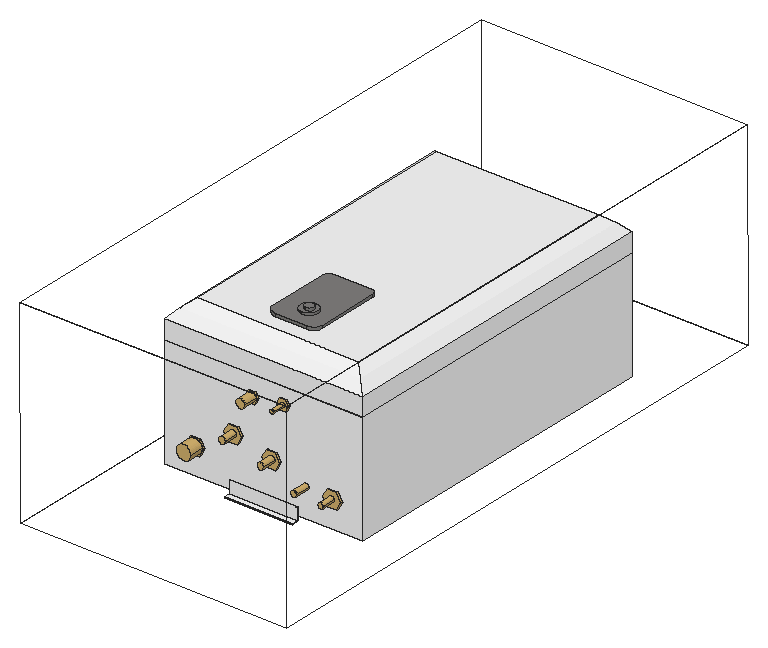
Revit family "Water_Boiler-Navien-NCB-Condensing_Combi-NCB-H", category Mechanical Equipment, host Face, Revit 2019
Family settings
  Host = Face
  Round Connector Dimension = Use Diameter
  Part Type = Normal
  OmniClass Number = 23.65.35.11
  OmniClass Title = Supply Water Heaters
  Cut with Voids When Loaded = No
  Shared = No
  Room Calculation Point = No
Parameters (values of type "NCB-240/130H")
  Width = 17 77/256"  # constant formula
  Wi-Fi Ready = "NaviLink Wi?Fi Control: This add-on accessory enables access to control temperatures remotely, access usage data and receive diagnostic notifications via smartphone or tablet."  # constant formula
  Weight = 96.00 lbf
  Water Pressure = "15–150 psi"  # constant formula
  Warranty Note = "Heat Exchangers: 10 years limited warranty (Residential) | Parts: 5 years (Residential)"  # constant formula
  Warranty = "https://www.navieninc.com/warranties"
  Voltage = 120 V
  Version = "2019 - v1.0a"  # constant formula
  Venting Type = "Forced draft direct vent"  # constant formula
  Venting = "Exhaust: 2 in or 3 in PVC, CPVC, Approved Polypropylene, Stainless Steel, 2 in or 3 in Special Gas Vent Type BH (Class III, A/B/C) | Intake: 2 in or 3 in PVC, CPVC, Polypropylene, Stainless Steel, ABS 2 in or 3 in Special Gas Vent Type BH (Class III, A/B/C) | Vent Clearance: 0 in to combustibles"  # constant formula
  URL = "https://www.navieninc.com"
  Propane Gas Supply Pressure = "8.0\" to 13.5\" WC"  # constant formula
  Propane Gas Manifold Pressure = "-0.06\"\" to -0.26\"\" WC"
  Product Page URL = "https://www.navieninc.com/products/ncb-240-130h"
  Product Name = "NCB-H Series Combination Boilers"  # constant formula
  Product Documentation Link = "https://www.navieninc.com/downloads/ncb-h-quickfacts-en"
  Power Factor = 1
  Phase = 1
  Number of Poles = 1
  Natural Gas Supply Pressure = "3.5\" to 10.5\" WC"  # constant formula
  Natural Gas Manifold Pressure = "-0.06\"\" to -0.24\"\" WC"
  Model = "NCB-240/130H"
  Material = ""
  Manufacturer Phone Number = "(949) 420-0420"  # constant formula
  Manufacturer Fax Number = "(949) 420-0430"  # constant formula
  Manufacturer Address = "20 Goodyear, Irvine, CA 92618"  # constant formula
  Manufacturer = "Navien, Inc."  # constant formula
  Keynote = "22 33 00.A1"
  Intake = if([2" Exhaust/Intake], 2", 3")  # 2"
  Installation Type = "Indoor Wall-Hung"  # constant formula
  Ignition = "Electronic ignition"  # constant formula
  Hot Water Outlet = 3/4"  # constant formula
  Height = 29 77/256"  # constant formula
  Heating Supply = 1"  # constant formula
  Heating Return = 1"  # constant formula
  Heating Capacity Note = "13,300 to 199,000 BTUh"
  Heating Capacity = 120000.0 Btu/h
  Gas Inlet = 3/4"  # constant formula
  Gas Connection Size = 3/4"  # constant formula
  Frequency = 60 Hz
  Flow Rate = 0 GPM
  Finish = Metal - Navien - White
  Exhaust = if([2" Exhaust/Intake], 2", 3")  # 2"
  Description = "NCB-H Condensing Gas Hot Water Combination Boiler"  # constant formula
  Depth = 12 205/256"  # constant formula
  Default Elevation = 48"
  Condensate Outlet = 1/2"  # constant formula
  Cold Water Inlet = 3/4"  # constant formula
  Certifications = "Energy Star | AHRI | CSA | ASME | CSA Blue Star | CSA Blue Flame"  # constant formula
  Auto Feeder Inlet = 1/2"  # constant formula
  3" Exhaust/Intake = not([2" Exhaust/Intake])  # no
  2" Exhaust/Intake = yes
  Copyright = "All contents copyright © Navien Inc."  # constant formula
  Clearance [instance] = yes
  Assembly Code = "D3010500"
  Apparent Load = 0 VA
Types (5): name | Weight | Propane Gas Manifold Pressure | Product Page URL | Natural Gas Manifold Pressure | Model | Heating Capacity Note | Heating Capacity
  NCB-190/060H | 87.00 lbf | "-0.04\" to -0.33\" WC" | "https://www.navieninc.com/products/ncb-190-060h" | "-0.01\" to -0.31\" WC" | "NCB-190/060H" | "10,700 to 160,000 BTUh" | 56000.0 Btu/h
  NCB-190/080H | 87.00 lbf | "-0.04\" to -0.33\" WC" | "https://www.navieninc.com/products/ncb-190-080h" | "-0.01\" to -0.31\" WC" | "NCB-190/080H" | "10,700 to 160,000 BTUh" | 56000.0 Btu/h
  NCB-240/110H | 96.00 lbf | "-0.06\"\" to -0.26\"\" WC" | "https://www.navieninc.com/products/ncb-240-110h" | "-0.06\"\" to -0.24\"\" WC" | "NCB-240/110H" | "13,300 to 199,000 BTUh" | 102000.0 Btu/h
  NCB-240/130H | 96.00 lbf | "-0.06\"\" to -0.26\"\" WC" | "https://www.navieninc.com/products/ncb-240-130h" | "-0.06\"\" to -0.24\"\" WC" | "NCB-240/130H" | "13,300 to 199,000 BTUh" | 120000.0 Btu/h
  NCB-250/150H | 96.00 lbf | "-0.06\"\" to -0.28\"\" WC" | "https://www.navieninc.com/products/ncb-250-150h" | "-0.06\"\" to -0.26\"\" WC" | "NCB-250/150H" | "14,000 to 210,000 BTUh" | 138000.0 Btu/h
Reference planes (in)
  plane 1 "Center (Elevation)": y = 0
  plane 2: z = 0
  plane 3 "Auto Feeder": x = 0
  plane 4 "Top": y = 19.92578
  plane 5 "Left": x = -10.28125
  plane 6 "Bottom": y = -9.375
  plane 7 "Right": x = 7.01953
  plane 8: y = 22.59578
  plane 9: z = 0.4
  plane 10 "Center (Left/Right)": x = -1.63086
  plane 11: y = 5.27539
  plane 12: z = -0.1
  plane 13: z = 3
  plane 14: y = 19.92578
  plane 15: y = -9.375
  plane 16: z = 13.2
  plane 17: z = 2.8
  plane 18 "Heating Supply": x = -7.58125
  plane 19 "Domestic Hot": x = -4.08125
  plane 20 "Domestic Cold": x = -0.78125
  plane 21 "Heating Return": x = 4.51953
  plane 22 "Gas inlet": x = -2.58047
Forms (in)
  Extrusion 1, solid, material "Metal - Navien - White" <- "Finish", detail levels medium+fine
    sketch origin (0, 2.1031, 0) x (0, 1, 0) y (0, 0, 1)
      loop
        line (-11.4781, 1.12877) -> (-11.52126, 1.12877) -> (-11.52126, 0.04724) -> (-12.09194, 0.04724) -> (-12.09194, 0) -> (-11.4781, 0) -> (-11.4781, 1.12877)
    from -4.58124 to 1.3703
  Extrusion 2, solid, material "Metal - Navien - Brass, Soft Yellow"
    sketch origin (-3.25, 0, 0) x (-1, 0, 0) y (0, 0, -1)
      loop
        circle (4.99187, -1.25698) r 0.375
    from -21.26608 to -19.92578
  Extrusion 3, solid, material "Metal - Navien - White" <- "Finish", detail levels medium+fine
    sketch origin (-3.37047, -180, 9.44422) x (0, 0, 1) y (0, -1, 0)
      loop
        line (0.65578, -170.69242) -> (0.60519, -170.69242) -> (0.60519, -170.625) -> (-9.04422, -170.625) -> (-9.04422, -199.92578) -> (0.60519, -199.92578) -> (0.60519, -199.88899) -> (0.65578, -199.88899) -> (0.65578, -170.69242)
    from -6.91078 to 10.39
  Extrusion 4, solid, material "Metal - Navien - Brass, Soft Yellow"
    sketch origin (0, 0, 0) x (1, 0, 0) y (0, 0, 1)
      loop
        line (-2.04632, 8.33019) -> (-2.31701, 8.79904) -> (-2.85839, 8.79904) -> (-3.12908, 8.33019) -> (-2.85839, 7.86134) -> (-2.31701, 7.86134) -> (-2.04632, 8.33019)
      loop
        line (-3.42485, 4.85957) -> (-3.81803, 5.54057) -> (-4.60438, 5.54057) -> (-4.99755, 4.85957) -> (-4.60438, 4.17857) -> (-3.81803, 4.17857) -> (-3.42485, 4.85957)
      loop
        line (-6.76869, 2.76225) -> (-7.16187, 3.44325) -> (-7.94822, 3.44325) -> (-8.34139, 2.76225) -> (-7.94822, 2.08125) -> (-7.16187, 2.08125) -> (-6.76869, 2.76225)
      loop
        line (-0.10789, 4.03001) -> (-0.50107, 4.71101) -> (-1.28742, 4.71101) -> (-1.6806, 4.03001) -> (-1.28742, 3.34901) -> (-0.50107, 3.34901) -> (-0.10789, 4.03001)
      loop
        line (5.22979, 2.8044) -> (4.83661, 3.4854) -> (4.05026, 3.4854) -> (3.65708, 2.8044) -> (4.05026, 2.1234) -> (4.83661, 2.1234) -> (5.22979, 2.8044)
      loop
        line (0.65436, 8.69382) -> (0.38367, 9.16267) -> (-0.15771, 9.16267) -> (-0.4284, 8.69382) -> (-0.15771, 8.22498) -> (0.38367, 8.22498) -> (0.65436, 8.69382)
    from 9.375 to 9.49296
  Extrusion 5, solid, material "Metal - Navien - Brass, Soft Yellow"
    sketch origin (0, 0, 0) x (1, 0, 0) y (0, 0, 1)
      loop
        circle (-7.5758, 2.7842) r 0.625
      loop
        circle (-0.86088, 4.08803) r 0.28077
      loop
        circle (-2.61655, 8.36019) r 0.375
      loop
        circle (2.05712, 2.93387) r 0.25
      loop
        circle (-4.21522, 4.90869) r 0.28077
      loop
        circle (4.39629, 2.81863) r 0.22311
      loop
        circle (0.12282, 8.69063) r 0.15577
    from 9.375 to 10.685
  Extrusion 6, solid, material "Metal - Navien - Brass, Soft Yellow", detail levels medium+fine
    sketch origin (0, 0, 0) x (1, 0, 0) y (0, 0, 1)
      loop
        arc (-8.50963, 0.56535) -> (-8.24187, 0.62647) -> (-7.9741, 0.56535) r 0.61716
        arc (-7.9741, 0.56535) -> (-7.50022, 1.25698) -> (-7.9741, 1.94861) r 0.74165
        arc (-7.9741, 1.94861) -> (-8.24187, 1.8875) -> (-8.50963, 1.94861) r 0.61716
        arc (-8.50963, 1.94861) -> (-8.98352, 1.25698) -> (-8.50963, 0.56535) r 0.74165
    from -19.92578 to -20.27363
  Extrusion 7, solid, material "Metal - Navien - White" <- "Finish", detail levels coarse
    sketch origin (0, 19.32383, 4.3925) x (0, 1, 0) y (-1, 0, 0)
      loop
        line (0.60195, 10.28125) -> (-28.69883, 10.28125) -> (-28.69883, -7.01953) -> (0.60195, -7.01953) -> (0.60195, 10.28125)
    from -3.9925 to 8.8075
  Extrusion 8, solid, material "Clearances - Navien", visible <- "Clearance"
    sketch origin (0, 19.32383, 4.3925) x (0, 1, 0) y (-1, 0, 0)
      loop
        line (9.60195, 13.28125) -> (-40.69883, 13.28125) -> (-40.69883, -10.01953) -> (9.60195, -10.01953) -> (9.60195, 13.28125)
    from -4.4925 to 12.8075
  Extrusion 9, solid, material "Metal - Navien - Black", detail levels medium+fine
    sketch origin (0, 23.25489, 1.40609) x (0, 1, 0) y (-1, 0, 0)
      loop
        line (-29.72406, 2.91963) -> (-29.72406, 0.1692)
        arc (-29.72406, 0.1692) -> (-29.50439, -0.36113) -> (-28.97406, -0.5808) r 0.75
        line (-28.97406, -0.5808) -> (-23.60339, -0.5808)
        arc (-23.60339, -0.5808) -> (-23.15839, -0.39648) -> (-22.97406, 0.04853) r 0.62933
        line (-22.97406, 0.04853) -> (-22.97406, 3.16493)
        arc (-22.97406, 3.16493) -> (-23.1638, 3.62302) -> (-23.62189, 3.81276) r 0.64783
        line (-23.62189, 3.81276) -> (-28.83092, 3.81276)
        arc (-28.83092, 3.81276) -> (-29.46247, 3.55117) -> (-29.72406, 2.91963) r 0.89314
    from 11.79391 to 12
  Extrusion 10, solid, material "Metal - Navien - Black", detail levels medium+fine
    sketch origin (0, 23.25489, -0.10828) x (0, 1, 0) y (-1, 0, 0)
      loop
        circle (-27.78603, 1.51386) r 0.38018
    from 13.51437 to 13.80828
  Extrusion 11, solid, material "Metal - Navien - Black", detail levels medium+fine
    sketch origin (0, 23.25489, -0.10828) x (0, 1, 0) y (-1, 0, 0)
      loop
        circle (-27.83054, 1.52211) r 0.75
    from 13.30828 to 13.64814
  Extrusion 12, solid, material "Metal - Navien - White" <- "Finish", detail levels medium+fine
    sketch origin (0, 19.32383, 4.3925) x (0, 1, 0) y (-1, 0, 0)
      loop
        line (0.60195, 10.28125) -> (-28.69883, 10.28125) -> (-28.69883, -7.01953) -> (0.60195, -7.01953) -> (0.60195, 10.28125)
    from 5.7075 to 8.8075
  Sweep 13, void
    path in 3D
      loop
        line (-10.28125, 19.92578, 13.2) -> (-10.28125, -9.375, 13.2) -> (7.01953, -9.375, 13.2) -> (7.01953, 19.92578, 13.2) -> (-10.28125, 19.92578, 13.2)
    profile origin (-1.63086, 19.92578, 13.2) x (0, -1, 0) y (0, 0, 1)
      loop
        line (2.39985, 0.43712) -> (-0.22624, 0.43712) -> (-0.22624, -1.81288)
        arc (-0.22624, -1.81288) -> (0.92487, -0.49887) -> (2.39985, 0.43712) r 6.13036
Cuts and joins
  joined: Extrusion 4, Extrusion 5
  Sweep 13 cuts Extrusion 12
Lines and regions (in)
  Split face 1
    outline origin (0, 23.25489, 13.40609) x (0, 1, 0) y (-1, 0, 0)
      loop
        line (-24.98774, 2.88086) -> (-24.98774, 0.13086) -> (-23.73774, 0.13086) -> (-23.73774, 2.88086) -> (-24.98774, 2.88086)
  Split face 2
    outline origin (0, 23.25489, 13.40609) x (0, 1, 0) y (-1, 0, 0)
      loop
        line (-25.8148, 0.32777) -> (-25.8148, 2.69494) -> (-26.16736, 2.69494) -> (-26.16736, 0.32777) -> (-25.8148, 0.32777)
  model lines, style "Clearance", visible <- "Clearance"
    curve 1: line (-13.28125, 28.92578, -0.1) -> (-13.28125, -21.375, -0.1)
    curve 2: line (-13.28125, -21.375, -0.1) -> (10.01953, -21.375, -0.1)
    curve 3: line (10.01953, -21.375, -0.1) -> (10.01953, 28.92578, -0.1)
    curve 4: line (10.01953, 28.92578, -0.1) -> (-13.28125, 28.92578, -0.1)
    curve 5: line (10.01953, 28.92578, 17.2) -> (10.01953, -21.375, 17.2)
    curve 6: line (10.01953, -21.375, 17.2) -> (-13.28125, -21.375, 17.2)
    curve 7: line (-13.28125, 28.92578, 17.2) -> (10.01953, 28.92578, 17.2)
    curve 8: line (10.01953, 28.92578, 17.2) -> (10.01953, 28.92578, -0.1)
    curve 9: line (-13.28125, 28.92578, 17.2) -> (-13.28125, 28.92578, -0.1)
    curve 10: line (10.01953, -21.375, 17.2) -> (10.01953, -21.375, -0.1)
    curve 11: line (-13.28125, -21.375, 17.2) -> (-13.28125, -21.375, -0.1)
    curve 15: line (-13.28125, -21.375, 17.2) -> (-13.28125, 28.92578, 17.2)
  model lines, style "MechanicalEquipment", detail levels medium+fine
    curve 12: arc (-0.63086, -4.6057, 13.40609) -> (-1.63086, -3.6057, 13.40609) -> (-2.63086, -4.6057, 13.40609) r 1
    curve 13: arc (-2.63086, -4.6057, 13.40609) -> (-1.63086, -5.6057, 13.40609) -> (-0.63086, -4.6057, 13.40609) r 1
  symbolic lines
    curve 14: line (-3.37047, 10.85651, 17.2) -> (-3.37047, 33.7569, 17.2)
  sketch lines
    curve 16: line (7.01953, 19.92578, 13.2) -> (-10.28125, 19.92578, 13.2)
    curve 17: line (7.01953, -9.375, 13.2) -> (7.01953, 19.92578, 13.2)
    curve 18: line (-10.28125, 19.92578, 13.2) -> (-10.28125, -9.375, 13.2)
    curve 19: line (-10.28125, -9.375, 13.2) -> (7.01953, -9.375, 13.2)
Dimensions and locks (in)
  plane 5 "Left" to plane 3 "Auto Feeder" to plane 7 "Right" = 10 9/32", 7 5/256"
  "Width": plane 5 "Left" to plane 7 "Right"
  locked: plane 8 to plane 4 "Top" at 2.67
  locked: plane 9 to plane 2 at 0.4
  equal spacing: plane 7 "Right", plane 10 "Center (Left/Right)", plane 5 "Left"
  locked: Extrusion 1 to level at 1.12877  (x3)
  locked: Extrusion 1 to level at 0.04724  (x2)
  locked: Extrusion 1 sketch curve to level at 0.04724  (x10)
  locked: Extrusion 1 sketch curve to level at 1.12877  (x13)
  locked: Extrusion 3 to level at 0.4  (x3)
  locked: Extrusion 3 sketch curve to level at 0.4  (x13)
  plane 6 "Bottom" to Extrusion 1 sketch curve to Extrusion 1 sketch curve to Extrusion 1 sketch curve = 0", 0.04316" locked, 0.57068" locked
  locked: plane 6 "Bottom" to cut or joined group of Extrusion 4, Extrusion 5 at 1.31
  plane 6 "Bottom" to cut or joined group of Extrusion 4, Extrusion 5 = 0.11796"
  Extrusion 3 sketch curve to plane 6 "Bottom" = 0.06742"
  locked: plane 9 to nested 2 at 3
  nested 2 to plane 5 "Left" = 4.62977"
  locked: Extrusion 7 to plane 12 at 0.5
  locked: Extrusion 8 sketch curve to plane 5 "Left" at 3
  locked: plane 7 "Right" to Extrusion 8 sketch curve at 3
  locked: Extrusion 8 sketch curve to plane 4 "Top" at 9
  locked: Extrusion 8 sketch curve to plane 6 "Bottom" at 12
  locked: plane 10 "Center (Left/Right)" to Extrusion 2 sketch curve at 6.61101
  Extrusion 2 sketch curve to level = 1.25698"
  Extrusion 7 sketch curve to plane 10 "Center (Left/Right)" to Extrusion 7 sketch curve = 8.65039" locked, 8.65039" locked
  Extrusion 7 sketch curve to plane 11 to Extrusion 7 sketch curve = 14.65039" locked, 14.65039" locked
  Extrusion 2 to Extrusion 6 to plane 4 "Top" to Extrusion 6 = 0.99244" locked, 0.34785", 0" locked
  locked: plane 13 to plane 9 at 2.6
  equal spacing: plane 14, plane 11, plane 15
  "Height": plane 14 to plane 15
  locked: plane 16 to plane 9 at 12.8
  curve 14 to plane 16 = 4"
  locked: nested 1 to plane 1 "Center (Elevation)" at 19.92578
  locked: nested 1 to plane 1 "Center (Elevation)" at 21.37178
  locked: nested 1 to plane 1 "Center (Elevation)" at 22.81778
  level to nested 1 = 5.01547"
  level to nested 1 = 3"
  level to nested 1 = 0.98453"
  locked: nested 2 to plane 1 "Center (Elevation)" at 19.92578
  locked: nested 2 to plane 1 "Center (Elevation)" at 20.983
  locked: nested 2 to plane 1 "Center (Elevation)" at 22.04021
  level to nested 2 = 5.37239"
  level to nested 2 = 3.4"
  level to nested 2 = 0.49973"
  locked: host sketch curve to plane 1 "Center (Elevation)" at 22  (x3)
  locked: host sketch curve to plane 1 "Center (Elevation)" at 37.02539  (x3)
  locked: Extrusion 1 to plane 1 "Center (Elevation)" at 9.41816
  locked: Extrusion 1 to plane 1 "Center (Elevation)" at 9.98884
  locked: Extrusion 1 to plane 1 "Center (Elevation)" at 9.375
  locked: Extrusion 1 sketch curve to plane 1 "Center (Elevation)" at 9.98884  (x3)
  locked: Extrusion 1 sketch curve to plane 1 "Center (Elevation)" at 9.41816  (x3)
  locked: Extrusion 1 sketch curve to plane 1 "Center (Elevation)" at 9.375  (x3)
  locked: Extrusion 2 to plane 1 "Center (Elevation)" at 19.92578
  locked: Extrusion 2 to plane 1 "Center (Elevation)" at 21.26608
  locked: Extrusion 3 to plane 1 "Center (Elevation)" at 9.30758
  locked: Extrusion 3 to plane 1 "Center (Elevation)" at 9.375
  locked: Extrusion 3 to plane 1 "Center (Elevation)" at 19.92578
  locked: Extrusion 3 to plane 1 "Center (Elevation)" at 19.88899
  locked: Extrusion 3 sketch curve to plane 1 "Center (Elevation)" at 19.88899  (x3)
  locked: Extrusion 3 sketch curve to plane 1 "Center (Elevation)" at 19.92578  (x3)
  locked: Extrusion 3 sketch curve to plane 1 "Center (Elevation)" at 9.375  (x3)
  locked: Extrusion 3 sketch curve to plane 1 "Center (Elevation)" at 9.30758  (x3)
  locked: Extrusion 3 to level at 10.1
  locked: Extrusion 3 to level at 10.04941  (x2)
  locked: Extrusion 3 sketch curve to level at 10.04941  (x6)
  locked: Extrusion 3 sketch curve to level at 10.1  (x3)
  locked: Extrusion 4 sketch curve to level at 8.79904  (x3)
  locked: Extrusion 4 sketch curve to level at 7.86134  (x3)
  locked: Extrusion 4 sketch curve to level at 5.54057  (x3)
  locked: Extrusion 4 sketch curve to level at 4.17857  (x3)
  locked: Extrusion 4 sketch curve to level at 3.44325  (x3)
  locked: Extrusion 4 sketch curve to level at 2.08125  (x3)
  locked: Extrusion 4 sketch curve to level at 4.71101  (x3)
  locked: Extrusion 4 sketch curve to level at 3.34901  (x3)
  locked: Extrusion 4 sketch curve to level at 3.4854  (x3)
  locked: Extrusion 4 sketch curve to level at 2.1234  (x3)
  locked: Extrusion 4 sketch curve to level at 9.16267  (x3)
  locked: Extrusion 4 sketch curve to level at 8.22498  (x3)
  locked: Extrusion 6 to plane 1 "Center (Elevation)" at 20.27363
  locked: Extrusion 6 to plane 1 "Center (Elevation)" at 19.92578
  locked: Extrusion 6 sketch curve to level at 0.56535  (x4)
  locked: Extrusion 6 sketch curve to level at 1.94861  (x4)
  locked: Extrusion 7 to plane 1 "Center (Elevation)" at 19.92578
  locked: Extrusion 7 to plane 1 "Center (Elevation)" at 9.375
  locked: Extrusion 7 sketch curve to plane 1 "Center (Elevation)" at 9.375  (x3)
  locked: Extrusion 7 sketch curve to plane 1 "Center (Elevation)" at 19.92578  (x3)
  locked: Extrusion 7 to level at 13.2
  locked: Extrusion 7 to level at 0.4
  locked: Extrusion 7 sketch curve to level at 4.3925  (x12)
  locked: Extrusion 8 to plane 1 "Center (Elevation)" at 28.92578
  locked: Extrusion 8 to plane 1 "Center (Elevation)" at 21.375
  locked: Extrusion 8 sketch curve to plane 1 "Center (Elevation)" at 21.375  (x3)
  locked: Extrusion 8 sketch curve to plane 1 "Center (Elevation)" at 28.92578  (x3)
  locked: Extrusion 8 to level at 17.2
  locked: Extrusion 8 sketch curve to level at 4.3925  (x12)
  locked: Extrusion 9 to plane 1 "Center (Elevation)" at 0.28083
  locked: Extrusion 9 to plane 1 "Center (Elevation)" at 6.46917
  locked: Extrusion 9 sketch curve to plane 1 "Center (Elevation)" at 6.46917  (x5)
  locked: Extrusion 9 sketch curve to plane 1 "Center (Elevation)" at 5.71917
  locked: Extrusion 9 sketch curve to plane 1 "Center (Elevation)" at 0.3485
  locked: Extrusion 9 sketch curve to plane 1 "Center (Elevation)" at 0.28083  (x5)
  locked: Extrusion 9 sketch curve to plane 1 "Center (Elevation)" at 0.367
  locked: Extrusion 9 sketch curve to plane 1 "Center (Elevation)" at 5.57604
  locked: Extrusion 9 to level at 13.40609
  locked: Extrusion 9 to level at 13.2
  locked: Extrusion 9 sketch curve to level at 1.40609  (x24)
  locked: Extrusion 10 to level at 13.7
  locked: Extrusion 10 to level at 13.40609
  locked: Extrusion 11 to level at 13.53986
  locked: Extrusion 11 to level at 13.2
  locked: Extrusion 12 sketch curve to plane 1 "Center (Elevation)" at 9.375  (x3)
  locked: Extrusion 12 sketch curve to plane 1 "Center (Elevation)" at 19.92578  (x3)
  locked: Extrusion 12 sketch curve to level at 4.3925  (x12)
  locked: curve 19 to plane 1 "Center (Elevation)" at 9.375  (x3)
  locked: curve 16 to plane 1 "Center (Elevation)" at 19.92578  (x3)
  locked: Sweep 13 sketch curve to plane 1 "Center (Elevation)" at 20.15202  (x4)
  locked: Sweep 13 sketch curve to plane 1 "Center (Elevation)" at 17.52593
  locked: Sweep 13 sketch curve to plane 1 "Center (Elevation)" at 8.88192
  locked: curve 18 to level at 13.2  (x3)
  locked: curve 19 to level at 13.2  (x3)
  locked: curve 17 to level at 13.2  (x3)
  locked: curve 16 to level at 13.2  (x3)
  locked: Sweep 13 sketch curve to level at 13.63712  (x4)
  locked: Sweep 13 sketch curve to level at 11.38712
  locked: Sweep 13 sketch curve to level at 1.91545
  locked: plane 9 to nested 1 at 2.6
  Extrusion 4 sketch curve to Extrusion 4 sketch curve to Extrusion 4 sketch curve to Extrusion 4 sketch curve to Extrusion 4 sketch curve to plane 10 "Center (Left/Right)" to Extrusion 4 sketch curve to Extrusion 4 sketch curve to Extrusion 4 sketch curve to Extrusion 4 sketch curve to Extrusion 4 sketch curve to Extrusion 4 sketch curve to Extrusion 4 sketch curve = 1.5727" locked, 3.00273" locked, 0.76225" locked, 0.32051" locked, 1.20246" locked, 0.04974" locked, 0.36573" locked, 1.08276" locked, 0.29577" locked, 1.5727" locked, 1.77114" locked, 1.5727" locked
  Extrusion 5 sketch curve to Extrusion 5 sketch curve to Extrusion 5 sketch curve to Extrusion 5 sketch curve to Extrusion 5 sketch curve to Extrusion 5 sketch curve to level = 0.54967" locked, 2.79574" locked, 1.38218" locked, 0.39807" locked, 0.81368" locked, 2.59552" locked
  Extrusion 9 sketch curve to plane 10 "Center (Left/Right)" to Extrusion 9 sketch curve = 2.1819" locked, 2.21166" locked
  locked: plane 10 "Center (Left/Right)" to Extrusion 10 sketch curve at 0.117
  locked: plane 10 "Center (Left/Right)" to Extrusion 11 sketch curve at 0.10874
  Extrusion 12 sketch curve to plane 10 "Center (Left/Right)" to Extrusion 12 sketch curve = 8.65039" locked, 8.65039" locked
  Extrusion 12 sketch curve to plane 11 to Extrusion 12 sketch curve = 14.65039" locked, 14.65039" locked
  Extrusion 5 sketch curve to Extrusion 5 sketch curve to Extrusion 5 sketch curve to Extrusion 5 sketch curve to plane 10 "Center (Left/Right)" to Extrusion 5 sketch curve to Extrusion 5 sketch curve to Extrusion 5 sketch curve = 2.36606" locked, 1.52853" locked, 0.85871" locked, 1.05074" locked, 0.61069" locked, 1.69291" locked, 3.01634" locked
  radius of Extrusion 5 sketch curve = 3/8"
  aligned and locked: plane 2 to host face
  aligned and locked: level to host face
  aligned and locked: Extrusion 2 to plane 4 "Top"
  aligned and locked: Extrusion 3 to plane 5 "Left"
  aligned and locked: Extrusion 3 to plane 7 "Right"
  aligned and locked: Extrusion 4 to plane 6 "Bottom"
  aligned and locked: Extrusion 5 to plane 6 "Bottom"
  aligned and locked: Extrusion 8 to plane 12
  aligned and locked: plane 16 to Extrusion 7
  aligned and locked: level to Extrusion 1 sketch curve
Automatic sketch dimensions
  host sketch curve to host sketch curve = 47 9/32"
  host sketch curve to host sketch curve = 59.02539"
  curve 3 to plane 7 "Right" = 3"
  curve 2 to plane 5 "Left" = 3"
  plane 8 to curve 4 = 6.33"
  plane 6 "Bottom" to curve 3 = 12"
  curve 9 to Extrusion 8 = 0"  (x2)
  Extrusion 8 to curve 9 = 0"
  curve 8 to Extrusion 8 = 0"  (x3)
  plane 8 to curve 14 = 11.16112"
  plane 11 to curve 14 = 5.58112"
  plane 1 "Center (Elevation)" to Extrusion 9 sketch curve = 6.46917"
  Extrusion 9 sketch curve to Extrusion 9 sketch curve = 3/4"
  plane 1 "Center (Elevation)" to Extrusion 9 sketch curve = 0.367"
  Extrusion 9 sketch curve to plane 3 "Auto Feeder" = 0.04853"
  plane 1 "Center (Elevation)" to Extrusion 9 sketch curve = 0.3485"
  curve 12 to curve 13 = 0"  (x2)
  curve 13 to Extrusion 9 = 1.86347"
  curve 13 to Extrusion 9 = 2.1819"
  curve 13 to curve 12 = 1"
  curve 15 to plane 5 "Left" = 3"
  plane 8 to curve 15 = 6.33"
  plane 6 "Bottom" to curve 15 = 12"
  Extrusion 8 to curve 5 = 0"
  curve 7 to Extrusion 8 = 0"  (x2)
  curve 5 to Extrusion 8 = 0"
  curve 6 to Extrusion 8 = 0"
  curve 10 to Extrusion 8 = 0"  (x3)
  curve 11 to Extrusion 8 = 0"  (x3)
  Extrusion 6 sketch curve to Extrusion 6 sketch curve = 0"  (x5)
  plane 12 to Extrusion 6 sketch curve = 0.10931"
  plane 9 to Extrusion 6 sketch curve = 0.85698"
  Extrusion 6 sketch curve to plane 13 = 0.49534"
  plane 9 to Extrusion 6 sketch curve = 0.16535"  (x2)
  Extrusion 5 sketch curve to plane 17 = 0.0158"
  plane 3 "Auto Feeder" to Extrusion 5 sketch curve = 0.12282"
  Extrusion 5 sketch curve to plane 13 = 0.06613"
  plane 17 to Extrusion 5 sketch curve = 0.01863"
  Extrusion 4 sketch curve to Extrusion 4 sketch curve = 0.78635"  (x3)
  Extrusion 4 sketch curve to plane 17 = 0.03775"  (x2)
  Extrusion 4 sketch curve to Extrusion 4 sketch curve = 0.39318"  (x9)
  Extrusion 4 sketch curve to Extrusion 4 sketch curve = 0.27069"  (x3)
  Extrusion 4 sketch curve to Extrusion 4 sketch curve = 0.54138"  (x2)
  Extrusion 4 sketch curve to plane 3 "Auto Feeder" = 0.50107"  (x2)
  Extrusion 4 sketch curve to plane 3 "Auto Feeder" = 0.15771"  (x2)
  plane 3 "Auto Feeder" to Extrusion 4 sketch curve = 0.38367"
  plane 17 to Extrusion 4 sketch curve = 0.0044"  (x2)
  Extrusion 4 sketch curve to plane 17 = 0.6766"
  Extrusion 4 sketch curve to plane 17 = 23/32"
  Extrusion 4 sketch curve to Extrusion 4 sketch curve = 0.681"  (x6)
  Extrusion 4 sketch curve to Extrusion 4 sketch curve = 2.32078"
  Extrusion 4 sketch curve to Extrusion 4 sketch curve = 0.36363"
  Extrusion 4 sketch curve to Extrusion 4 sketch curve = 0.46885"  (x6)
  plane 13 to Extrusion 4 sketch curve = 0.34901"
  plane 13 to Extrusion 4 sketch curve = 0.44325"
  plane 13 to Extrusion 4 sketch curve = 0.4854"
  plane 13 to Extrusion 4 sketch curve = 1.17857"
  Extrusion 9 sketch curve to Extrusion 9 sketch curve = 0.89314"
  plane 5 "Left" to Extrusion 6 sketch curve = 2.03938"
  Extrusion 6 sketch curve to Extrusion 6 sketch curve = 0.26776"  (x2)
  plane 10 "Center (Left/Right)" to Extrusion 4 sketch curve = 0.34344"  (x2)
  Split face 1 sketch curve to Extrusion 9 = 0.71166"
  Split face 1 sketch curve to Extrusion 9 = 2.01368"
  Split face 1 sketch curve to Extrusion 9 = 0.76368"
  Split face 1 sketch curve to Extrusion 9 = 0.9319"
  plane 1 "Center (Elevation)" to Extrusion 11 sketch curve = 4.57565"
  plane 1 "Center (Elevation)" to Extrusion 10 sketch curve = 4.53114"
  Split face 2 sketch curve to Extrusion 9 = 0.90857"
  Split face 2 sketch curve to Extrusion 9 = 3.1933"
  Split face 2 sketch curve to Split face 2 sketch curve = 0.35256"
  Split face 2 sketch curve to Extrusion 9 = 1.11782"
  radius of Extrusion 2 sketch curve = 3/8"
  radius of Extrusion 5 sketch curve = 0.28077"  (x2)
  radius of Extrusion 5 sketch curve = 1/4"
  radius of Extrusion 11 sketch curve = 3/4"
  radius of Extrusion 10 sketch curve = 0.38018"
Nested families (in)
  nested 1: "Intake_Exhaust" at (1.04143, 19.92578, 3) x (1, 0, 0) z (0, 1, 0), type "Intake_Exhaust"
    with Small Vent no, Large Vent yes
  nested 2: "Intake_Exhaust" at (-5.65148, 19.92578, 3.4) x (0, 0, -1) z (0, 1, 0), type "Intake_Exhaust"
    with Small Vent yes, Large Vent no
Connectors (in)
  piping at (-2.61655, -10.685, 8.36019), diameter 0.75, driven by "Gas Inlet"
    settings: on cut or joined group of Extrusion 4, Extrusion 5, index 2, connector inside diameter 24", connector length 0", flow factor 0, pipe flow 0 GPM, pressure drop 0.00 psi, fitting loss kfactor 0, connector angle 0.00°, fixture units 0, engagement length 0", angle of deflection 0.00°, flow configuration 0, flow direction 1, fitting loss method 0, system type 22, joint type 0, gender type 0, connector reference index -1, connector utility 0, adjustable connector no, is connector primary yes, connector description "Natural Gas Connection"
  piping at (2.05712, -10.685, 2.93387), diameter 0.5
    settings: on cut or joined group of Extrusion 4, Extrusion 5, index 7, connector inside diameter 24", connector length 0", flow factor 0, pipe flow 0 GPM, pressure drop 0.00 psi, fitting loss kfactor 0, connector angle 0.00°, fixture units 0, engagement length 0", angle of deflection 0.00°, flow configuration 0, flow direction 2, fitting loss method 0, system type 16, joint type 0, gender type 0, connector reference index -1, connector utility 0, adjustable connector no, is connector primary no, connector description "Condensate Outlet Connection"
  hvac at (1.04143, 22.04021, 3), driven by "Exhaust"
    settings: on nested 1, index 8, duct flow 0 CFM, flow factor 0, pres drop 0.00 in-wg, loss coef 0, conn angle 0.00°, conn width 12", conn height 12", conn diameter 2", duct sys type 3, conn prof type 0, flow config 0, flow direction 2, loss method 0, conn ref index -1, conn util no, is conn primary yes, conn desc "Exhaust Gas Vent Connection"
  hvac at (-5.65148, 22.04021, 3.4), driven by "Exhaust"
    settings: on nested 2, index 9, duct flow 0 CFM, flow factor 0, pres drop 0.00 in-wg, loss coef 0, conn angle 0.00°, conn width 12", conn height 12", conn diameter 2", duct sys type 4, conn prof type 0, flow config 0, flow direction 1, loss method 0, conn ref index -1, conn util no, is conn primary no, conn desc "Air Intake Connection"
  piping at (-8.24187, 21.26608, 1.25698), diameter 0.75
    settings: on Extrusion 2, index 10, connector inside diameter 24", connector length 0", flow factor 0, pipe flow 0 GPM, pressure drop 0.00 psi, fitting loss kfactor 0, connector angle 0.00°, fixture units 0, engagement length 0", angle of deflection 0.00°, flow configuration 0, flow direction 2, fitting loss method 0, system type 22, joint type 0, gender type 0, connector reference index -1, connector utility 0, adjustable connector no, is connector primary no, connector description "Pressure Relief Valve Connection"
  electrical at (-1.63086, 5.27539, 0.4), driven by "Power Factor", driven by "Apparent Load", driven by "Voltage", driven by "Number of Poles"
    settings: on Extrusion 3, index 11, voltage 120 V, apparent load 0 VA, apparent load phase1 0 VA, apparent load phase2 0 VA, apparent load phase3 0 VA, power factor 1, load classification "Other", number of poles 1, system type 31, power factor state 1, is connector primary yes, connector utility no, sub classification motor no, connector description "Electrical Connector"
  piping at (-7.5758, -10.685, 2.7842), diameter 1, driven by "Heating Supply"
    settings: on cut or joined group of Extrusion 4, Extrusion 5, index 12, connector inside diameter 24", connector length 0", flow factor 0, pipe flow 0 GPM, pressure drop 0.00 psi, fitting loss kfactor 0, connector angle 0.00°, fixture units 0, engagement length 0", angle of deflection 0.00°, flow configuration 0, flow direction 2, fitting loss method 0, system type 7, joint type 0, gender type 0, connector reference index -1, connector utility 0, adjustable connector no, is connector primary no, connector description "Heating Supply Connection"
  piping at (-4.21522, -10.685, 4.90869), diameter 0.75, driven by "Hot Water Outlet"
    settings: on cut or joined group of Extrusion 4, Extrusion 5, index 13, connector inside diameter 24", connector length 0", flow factor 0, pipe flow 0 GPM, pressure drop 0.00 psi, fitting loss kfactor 0, connector angle 0.00°, fixture units 0, engagement length 0", angle of deflection 0.00°, flow configuration 0, flow direction 2, fitting loss method 0, system type 19, joint type 0, gender type 0, connector reference index -1, connector utility 0, adjustable connector no, is connector primary no, connector description "Hot Water Outlet Connection"
  piping at (-0.86088, -10.685, 4.08803), diameter 0.75, driven by "Cold Water Inlet"
    settings: on cut or joined group of Extrusion 4, Extrusion 5, index 14, connector inside diameter 24", connector length 0", flow factor 0, pipe flow 0 GPM, pressure drop 0.00 psi, fitting loss kfactor 0, connector angle 0.00°, fixture units 0, engagement length 0", angle of deflection 0.00°, flow configuration 0, flow direction 1, fitting loss method 0, system type 20, joint type 0, gender type 0, connector reference index -1, connector utility 0, adjustable connector no, is connector primary no, connector description "Cold Water Inlet Connection"
  piping at (0.12282, -10.685, 8.69063), diameter 0.5, driven by "Auto Feeder Inlet"
    settings: on cut or joined group of Extrusion 4, Extrusion 5, index 15, connector inside diameter 24", connector length 0", flow factor 0, pipe flow 0 GPM, pressure drop 0.00 psi, fitting loss kfactor 0, connector angle 0.00°, fixture units 0, engagement length 0", angle of deflection 0.00°, flow configuration 0, flow direction 1, fitting loss method 0, system type 7, joint type 0, gender type 0, connector reference index -1, connector utility 0, adjustable connector no, is connector primary no, connector description "Auto Feeder Inlet Connection"
  piping at (4.39629, -10.685, 2.81863), diameter 1, driven by "Heating Return"
    settings: on cut or joined group of Extrusion 4, Extrusion 5, index 16, connector inside diameter 24", connector length 0", flow factor 0, pipe flow 0 GPM, pressure drop 0.00 psi, fitting loss kfactor 0, connector angle 0.00°, fixture units 0, engagement length 0", angle of deflection 0.00°, flow configuration 0, flow direction 1, fitting loss method 0, system type 8, joint type 0, gender type 0, connector reference index -1, connector utility 0, adjustable connector no, is connector primary no, connector description "Heating Return Connection"
Definition of nested family "Intake_Exhaust"
  Parameters (values of type "Intake_Exhaust")
    Small Vent [instance] = yes
    Large Vent [instance] = yes
    Finish = none
    Default Elevation = 48"
  Reference planes (in)
    plane 1 "Center (Front/Back)": y = 0
    plane 2: z = 0
    plane 3 "Center (Left/Right)": x = 0
    plane 4: x = -1.46602
    plane 5: x = 1.46602
    plane 6: y = -1.45577
  Forms (in)
    Extrusion 1, solid
      sketch origin (0, 0, 0) x (1, 0, 0) y (0, 1, 0)
        loop
          line (-48, 48) -> (-48, -48) -> (48, -48) -> (48, 48) -> (-48, 48)
      from 0 to -12
    Extrusion 2, solid, material <- "Finish", visible <- "Small Vent", detail levels fine
      sketch origin (0, 0, 0) x (1, 0, 0) y (0, 1, 0)
        loop
          arc (0.9965, 1.70215) -> (0.51624, 1.90363) -> (0, 1.97239) r 1.97239
          arc (0, 1.97239) -> (-0.51624, 1.90363) -> (-0.9965, 1.70215) r 1.97239
          line (-0.9965, 1.70215) -> (-1.43788, 1.70215)
          arc (-1.43788, 1.70215) -> (-1.60414, 1.64015) -> (-1.6892, 1.48443) r 0.25391
          line (-1.6892, 1.48443) -> (-1.6892, 1.0183)
          arc (-1.6892, 1.0183) -> (-1.90027, 0.52847) -> (-1.97239, 0) r 1.97239
          arc (-1.97239, 0) -> (-1.90027, -0.52847) -> (-1.6892, -1.0183) r 1.97239
          line (-1.6892, -1.0183) -> (-1.6892, -1.48443)
          arc (-1.6892, -1.48443) -> (-1.60414, -1.64015) -> (-1.43788, -1.70215) r 0.25391
          line (-1.43788, -1.70215) -> (-0.9965, -1.70215)
          arc (-0.9965, -1.70215) -> (-0.51624, -1.90363) -> (0, -1.97239) r 1.97239
          arc (0, -1.97239) -> (0.51624, -1.90363) -> (0.9965, -1.70215) r 1.97239
          line (0.9965, -1.70215) -> (1.43788, -1.70215)
          arc (1.43788, -1.70215) -> (1.60414, -1.64015) -> (1.6892, -1.48443) r 0.25391
          line (1.6892, -1.48443) -> (1.6892, -1.0183)
          arc (1.6892, -1.0183) -> (1.90027, -0.52847) -> (1.97239, 0) r 1.97239
          arc (1.97239, 0) -> (1.90027, 0.52847) -> (1.6892, 1.0183) r 1.97239
          line (1.6892, 1.0183) -> (1.6892, 1.48443)
          arc (1.6892, 1.48443) -> (1.60414, 1.64015) -> (1.43788, 1.70215) r 0.25391
          line (1.43788, 1.70215) -> (0.9965, 1.70215)
      from 0 to 0.34785
    Extrusion 3, solid, material <- "Finish", visible <- "Small Vent", detail levels fine
      sketch origin (0, 0, 0) x (1, 0, 0) y (0, 0, 1)
        loop
          line (-1.4392, 1.43851) -> (-1.57327, 1.43851) -> (-1.97024, 0.34785) -> (-1.4392, 0.34785) -> (-1.4392, 1.43851)
      from -0.0824 to 0.06448
    Extrusion 4, solid, material <- "Finish", visible <- "Small Vent", detail levels fine
      sketch origin (0, 0, 0) x (-1, 0, 0) y (0, 0, -1)
        loop
          line (-1.4392, -1.43851) -> (-1.4392, -0.34785) -> (-1.97024, -0.34785) -> (-1.57327, -1.43851) -> (-1.4392, -1.43851)
      from -0.0824 to 0.06448
    Extrusion 5, solid, material <- "Finish", visible <- "Small Vent", detail levels fine
      sketch origin (-0.01835, 0.01025, 0) x (0, 1, 0) y (0, 0, 1)
        loop
          line (-1.4624, 1.43851) -> (-1.58098, 1.43851) -> (-1.97795, 0.34785) -> (-1.4624, 0.34785) -> (-1.4624, 1.43851)
      from -0.06791 to 0.09876
    Extrusion 6, solid, material <- "Finish", visible <- "Small Vent", detail levels fine
      sketch origin (0, 0, 0) x (1, 0, 0) y (0, 1, 0)
        loop
          circle (0, 0) r 1.34645
        loop
          circle (0, 0) r 1.25
      from 0.17664 to 2.11443
    Extrusion 7, solid, material <- "Finish", visible <- "Small Vent", detail levels fine
      sketch origin (0, 0, 0) x (1, 0, 0) y (0, 1, 0)
        loop
          circle (0, 0) r 1.5792
        loop
          circle (0, 0) r 1.34645
      from 0 to 1.4562
    Extrusion 8, solid, material <- "Finish", detail levels coarse+medium
      sketch origin (0, 0, 0) x (1, 0, 0) y (0, 1, 0)
        loop
          line (-1.6892, 1.70215) -> (-1.6892, -1.70215) -> (1.6892, -1.70215) -> (1.6892, 1.70215) -> (-1.6892, 1.70215)
      from 0 to 0.34785
    Extrusion 9, solid, material <- "Finish", detail levels medium
      sketch origin (0, 0, 0) x (1, 0, 0) y (0, 1, 0)
        loop
          circle (0, 0) r 1.97239
      from 0 to 0.34785
    Extrusion 10, solid, material <- "Finish", detail levels coarse+medium
      sketch origin (0, 0, 0) x (1, 0, 0) y (0, 1, 0)
        loop
          circle (0, 0) r 1.34645
      from 0.34785 to 2.11443
    Extrusion 11, solid, material <- "Finish", visible <- "Large Vent", detail levels fine
      sketch origin (0, 0, 0) x (1, 0, 0) y (0, 1, 0)
        loop
          arc (0.9965, 1.70215) -> (0.51624, 1.90363) -> (0, 1.97239) r 1.97239
          arc (0, 1.97239) -> (-0.51624, 1.90363) -> (-0.9965, 1.70215) r 1.97239
          line (-0.9965, 1.70215) -> (-1.43788, 1.70215)
          arc (-1.43788, 1.70215) -> (-1.60414, 1.64015) -> (-1.6892, 1.48443) r 0.25391
          line (-1.6892, 1.48443) -> (-1.6892, 1.0183)
          arc (-1.6892, 1.0183) -> (-1.90027, 0.52847) -> (-1.97239, 0) r 1.97239
          arc (-1.97239, 0) -> (-1.90027, -0.52847) -> (-1.6892, -1.0183) r 1.97239
          line (-1.6892, -1.0183) -> (-1.6892, -1.48443)
          arc (-1.6892, -1.48443) -> (-1.60414, -1.64015) -> (-1.43788, -1.70215) r 0.25391
          line (-1.43788, -1.70215) -> (-0.9965, -1.70215)
          arc (-0.9965, -1.70215) -> (-0.51624, -1.90363) -> (0, -1.97239) r 1.97239
          arc (0, -1.97239) -> (0.51624, -1.90363) -> (0.9965, -1.70215) r 1.97239
          line (0.9965, -1.70215) -> (1.43788, -1.70215)
          arc (1.43788, -1.70215) -> (1.60414, -1.64015) -> (1.6892, -1.48443) r 0.25391
          line (1.6892, -1.48443) -> (1.6892, -1.0183)
          arc (1.6892, -1.0183) -> (1.81137, -0.78055) -> (1.90027, -0.52847) r 1.97239
          line (1.90027, -0.52847) -> (2.65027, -0.52847)
          arc (2.65027, -0.52847) -> (2.82705, -0.45525) -> (2.90027, -0.27847) r 0.25
          line (2.90027, -0.27847) -> (2.90027, 0.27847)
          arc (2.90027, 0.27847) -> (2.82705, 0.45525) -> (2.65027, 0.52847) r 0.25
          line (2.65027, 0.52847) -> (1.90027, 0.52847)
          arc (1.90027, 0.52847) -> (1.81137, 0.78055) -> (1.6892, 1.0183) r 1.97239
          line (1.6892, 1.0183) -> (1.6892, 1.48443)
          arc (1.6892, 1.48443) -> (1.60414, 1.64015) -> (1.43788, 1.70215) r 0.25391
          line (1.43788, 1.70215) -> (0.9965, 1.70215)
      from 0 to 0.34785
    Extrusion 12, solid, material <- "Finish", visible <- "Large Vent", detail levels fine
      sketch origin (-0.01835, 0.01025, 0) x (0, 1, 0) y (0, 0, 1)
        loop
          line (1.47418, 0.34785) -> (2.00522, 0.34785) -> (1.71369, 2.18851) -> (1.47418, 2.18851) -> (1.47418, 0.34785)
        loop
          line (-1.49468, 0.34785) -> (-1.49468, 2.18851) -> (-1.73419, 2.18851) -> (-2.02572, 0.34785) -> (-1.49468, 0.34785)
      from -0.06791 to 0.09876
    Extrusion 13, solid, material <- "Finish", visible <- "Large Vent", detail levels fine
      sketch origin (0, 0, 0) x (1, 0, 0) y (0, 1, 0)
        loop
          circle (0, 0) r 1.34645
        loop
          circle (0, 0) r 1.25
      from 0 to 0.34785
    Extrusion 14, solid, material <- "Finish", visible <- "Large Vent", detail levels fine
      sketch origin (0, 0, 0) x (1, 0, 0) y (0, 1, 0)
        loop
          circle (0, 0) r 1.5792
        loop
          circle (0, 0) r 1.34645
      from 1.21702 to 2.18851
    Extrusion 15, solid, material <- "Finish", detail levels coarse+medium
      sketch origin (0, 0, 0) x (1, 0, 0) y (0, 1, 0)
        loop
          line (-1.6892, 1.70215) -> (-1.6892, -1.70215) -> (1.6892, -1.70215) -> (1.6892, 1.70215) -> (-1.6892, 1.70215)
      from 0 to 0.34785
    Extrusion 16, solid, material <- "Finish", detail levels medium
      sketch origin (0, 0, 0) x (1, 0, 0) y (0, 1, 0)
        loop
          arc (1.90027, 0.52847) -> (-1.97239, 0) -> (1.90027, -0.52847) r 1.97239
          line (1.90027, -0.52847) -> (2.90027, -0.52847) -> (2.90027, 0.52847) -> (1.90027, 0.52847)
      from 0 to 0.34785
    Extrusion 17, solid, material <- "Finish", visible <- "Large Vent"
      sketch origin (0, 0, 0) x (1, 0, 0) y (0, 1, 0)
        loop
          circle (0, 0) r 1.5
      from 0.34785 to 2.75
    Extrusion 18, solid, material <- "Finish", visible <- "Large Vent", detail levels medium+fine
      sketch origin (-12, 0, 0) x (1, 0, 0) y (0, 0, 1)
        loop
          arc (14.65027, 1.21563) -> (14.49606, 1.58792) -> (14.12377, 1.74213) r 0.5265
          line (14.12377, 1.74213) -> (12.90027, 1.74213) -> (12.90027, 0.34785) -> (14.65027, 0.34785) -> (14.65027, 1.21563)
      from -0.28531 to 0.25119
    Extrusion 19, solid, material <- "Finish", visible <- "Large Vent", detail levels medium+fine
      sketch origin (-12, 0, 0) x (0, 1, 0) y (0, 0, 1)
        loop
          line (-0.40347, 0.34785) -> (0.41474, 0.34785) -> (0.41474, 1.807) -> (-0.40347, 1.807) -> (-0.40347, 0.34785)
      from 13.28684 to 13.90027
    Extrusion 20, solid, visible <- "Large Vent"
      sketch origin (-12, 0, 0) x (0, 1, 0) y (0, 0, 1)
        loop
          line (-1.22022, 2.77614) -> (-1.22022, 2.83068) -> (-1.55623, 2.83068) -> (-1.55623, 2.18851) -> (-1.51188, 2.18851) -> (-1.51188, 2.77614) -> (-1.22022, 2.77614)
        loop
          line (1.22022, 2.77614) -> (1.51188, 2.77614) -> (1.51188, 2.18851) -> (1.55623, 2.18851) -> (1.55623, 2.83068) -> (1.22022, 2.83068) -> (1.22022, 2.77614)
      from 11.39341 to 12.56507
    Extrusion 21, solid, visible <- "Large Vent"
      sketch origin (-12, 0, 0) x (1, 0, 0) y (0, 0, 1)
        loop
          line (13.22145, 2.18851) -> (13.34007, 2.18851) -> (13.34007, 2.78161) -> (13.60569, 2.78161) -> (13.60569, 2.892) -> (13.22145, 2.892) -> (13.22145, 2.18851)
        loop
          line (10.77855, 2.18851) -> (10.77855, 2.892) -> (10.39431, 2.892) -> (10.39431, 2.78161) -> (10.65993, 2.78161) -> (10.65993, 2.18851) -> (10.77855, 2.18851)
      from -0.52847 to 0.49369
  Dimensions and locks (in)
    aligned and locked: plane 2 to Extrusion 1
    aligned and locked: level to Extrusion 1
